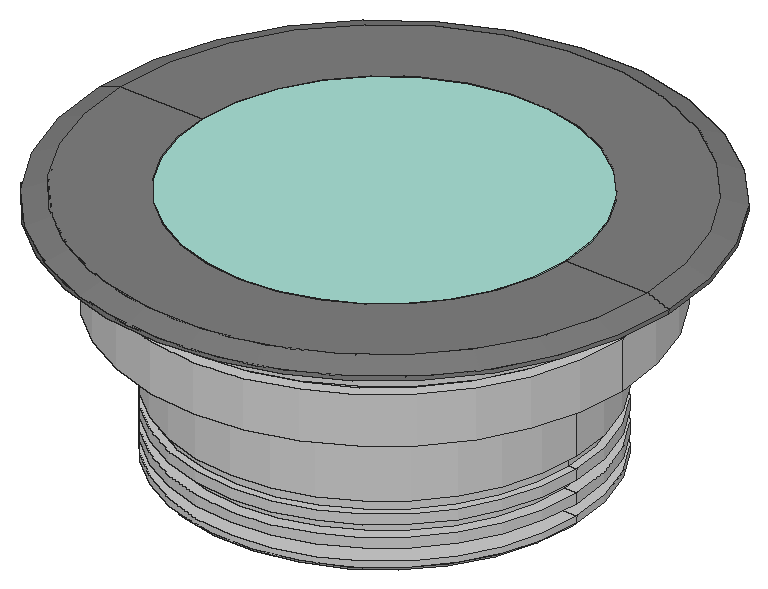
Revit family "Bright 5.F", category Lighting Fixtures, host Face, Revit 2017 (continued)
Types (16, lengths in mm): name | Wattage | Power | Photometric Web File | Optics | built-in parameter 1150142 | built-in parameter 1150105 | Lumens | built-in parameter 1150106 | Apparent Load Phase 1
     3.53 3.04 2.62 2.28 2.00 1.76 \r\n1.58 1.42 1.28 1.16 1.04 0.95 0.85 0.77 0.70 0.62 0.54 \r\n0.46 0.39 0.32 0.27 0.24 0.22 0.19 0.18 0.16 0.15 0.14 \r\n0.12 0.11 0.10 0.08 0.07 0.04 0.02 0.00 0.00 0.00 0.00 \r\n0.00 0.00 0.00 0.00 0.00 0.00 0.00 0.00 0.00 0.00 0.00 \r\n0.00 0.00 0.00 0.00 0.00 0.00 0.00 0.00 0.00 0.00 0.00 \r\n0.00 0.00 0.00 0.00 0.00 0.00 0.00 0.00 0.00 0.00 0.00 \r\n0.00 0.00 0.00 0.00 0.00 0.00 0.00 0.00 0.00 0.00 0.00 \r\n0.00 0.00 0.00 0.00 0.00 0.00 0.00 0.00 0.00 0.00 0.00 \r\n0.00 0.00 0.00 0.00 0.00 0.00 0.00 0.00 0.00 0.00 0.00 \r\n0.00 0.00 0.00 0.00 0.00 0.00 0.00 0.00 0.00 0.00 0.00 \r\n0.00 0.00 0.00 0.00 0.00 0.00 0.00 0.00 0.00 0.00 \r\n3191.58 3145.92 3010.90 2842.45 2632.50 2394.35 2136.13 \r\n1877.34 1632.20 1394.08 1181.60 1000.13 835.56 698.97 \r\n591.01 501.44 427.53 366.40 316.57 275.00 240.51 210.32 \r\n184.96 162.38 143.04 125.47 110.19 97.47 86.39 76.41 \r\n68.04 60.67 54.03 48.19 42.95 38.45 34.35 30.36 26.72 \r\n23.37 20.43 17.95 15.95 14.52 13.27 12.13 11.11 10.17 \r\n9.25 8.44 7.60 6.80 6.01 5.23 4.46 3.72 3.14 2.68 2.34 \r\n2.07 1.84 1.64 1.47 1.32 1.20 1.08 0.97 0.88 0.79 0.72 \r\n0.65 0.58 0.49 0.42 0.35 0.29 0.25 0.23 0.20 0.19 0.17 \r\n0.16 0.14 0.13 0.11 0.10 0.09 0.07 0.05 0.02 0.01 0.00 \r\n0.00 0.00 0.00 0.00 0.00 0.00 0.00 0.00 0.00 0.00 0.00 \r\n0.00 0.00 0.00 0.00 0.00 0.00 0.00 0.00 0.00 0.00 0.00 \r\n0.00 0.00 0.00 0.00 0.00 0.00 0.00 0.00 0.00 0.00 0.00 \r\n0.00 0.00 0.00 0.00 0.00 0.00 0.00 0.00 0.00 0.00 0.00 \r\n0.00 0.00 0.00 0.00 0.00 0.00 0.00 0.00 0.00 0.00 0.00 \r\n0.00 0.00 0.00 0.00 0.00 0.00 0.00 0.00 0.00 0.00 0.00 \r\n0.00 0.00 0.00 0.00 0.00 0.00 0.00 0.00 0.00 0.00 0.00 \r\n0.00 0.00 0.00 0.00 0.00 0.00 0.00 0.00 0.00 0.00 0.00 \r\n0.00 \r\n3191.58 3139.42 3047.12 2913.19 2719.69 2491.20 2244.85 \r\n1998.11 1749.76 1510.65 1290.17 1098.39 923.75 781.84 \r\n663.90 561.16 480.32 411.14 355.04 307.27 267.37 234.53 \r\n205.87 180.63 158.54 139.22 122.93 108.86 96.48 85.39 \r\n75.80 67.51 59.81 53.44 47.49 42.44 37.73 33.41 29.38 \r\n25.69 22.39 19.55 17.22 15.46 14.04 12.82 11.72 10.67 \r\n9.66 8.73 7.83 6.94 6.09 5.28 4.57 3.91 3.34 2.84 2.45 \r\n2.14 1.90 1.70 1.52 1.37 1.23 1.11 1.00 0.90 0.81 0.73 \r\n0.66 0.59 0.51 0.43 0.36 0.30 0.26 0.23 0.21 0.19 0.17 \r\n0.16 0.15 0.13 0.12 0.10 0.09 0.07 0.05 0.02 0.00 0.00 \r\n0.00 0.00 0.00 0.00 0.00 0.00 0.00 0.00 0.00 0.00 0.00 \r\n0.00 0.00 0.00 0.00 0.00 0.00 0.00 0.00 0.00 0.00 0.00 \r\n0.00 0.00 0.00 0.00 0.00 0.00 0.00 0.00 0.00 0.00 0.00 \r\n0.00 0.00 0.00 0.00 0.00 0.00 0.00 0.00 0.00 0.00 0.00 \r\n0.00 0.00 0.00 0.00 0.00 0.00 0.00 0.00 0.00 0.00 0.00 \r\n0.00 0.00 0.00 0.00 0.00 0.00 0.00 0.00 0.00 0.00 0.00 \r\n0.00 0.00 0.00 0.00 0.00 0.00 0.00 0.00 0.00 0.00 0.00 \r\n0.00 0.00 0.00 0.00 0.00 0.00 0.00 0.00 0.00 0.00 0.00 \r\n0.00 \r\n3191.58 3147.45 3077.83 2935.09 2754.70 2547.61 2321.01 \r\n2083.49 1842.98 1616.50 1402.05 1217.86 1037.56 881.11 \r\n754.16 644.58 554.46 474.07 407.46 353.31 305.68 265.56 \r\n233.48 203.71 179.64 157.56 138.88 122.70 108.43 96.18 \r\n85.45 75.80 67.41 59.89 53.21 47.40 42.06 37.23 32.74 \r\n28.66 24.92 21.80 19.07 16.93 15.17 13.73 12.42 11.24 \r\n10.13 9.05 8.02 7.04 6.14 5.30 4.61 4.03 3.52 3.06 2.65 \r\n2.29 2.00 1.78 1.59 1.43 1.29 1.15 1.04 0.94 0.84 0.76 \r\n0.67 0.59 0.52 0.44 0.37 0.31 0.27 0.24 0.22 0.20 0.18 \r\n0.16 0.15 0.13 0.12 0.10 0.09 0.07 0.05 0.02 0.01 0.00 \r\n0.00 0.00 0.00 0.00 0.00 0.00 0.00 0.00 0.00 0.00 0.00 \r\n0.00 0.00 0.00 0.00 0.00 0.00 0.00 0.00 0.00 0.00 0.00 \r\n0.00 0.00 0.00 0.00 0.00 0.00 0.00 0.00 0.00 0.00 0.00 \r\n0.00 0.00 0.00 0.00 0.00 0.00 0.00 0.00 0.00 0.00 0.00 \r\n0.00 0.00 0.00 0.00 0.00 0.00 0.00 0.00 0.00 0.00 0.00 \r\n0.00 0.00 0.00 0.00 0.00 0.00 0.00 0.00 0.00 0.00 0.00 \r\n0.00 0.00 0.00 0.00 0.00 0.00 0.00 0.00 0.00 0.00 0.00 \r\n0.00 0.00 0.00 0.00 0.00 0.00 0.00 0.00 0.00 0.00 0.00 \r\n0.00 \r\n3191.58 3170.86 3087.68 2964.34 2799.97 2617.47 2403.18 \r\n2180.99 1966.62 1750.60 1546.02 1355.81 1172.74 1018.66 \r\n885.81 760.92 654.34 563.18 485.45 419.24 362.53 314.62 \r\n273.99 238.69 208.88 182.26 160.34 141.45 124.88 111.02 \r\n97.92 87.06 77.53 68.80 60.96 54.01 47.76 42.18 37.07 \r\n32.61 28.48 24.82 21.76 19.07 16.86 14.98 13.41 11.99 \r\n10.69 9.45 8.29 7.23 6.31 5.50 4.79 4.20 3.71 3.27 2.86 \r\n2.50 2.19 1.91 1.69 1.51 1.36 1.22 1.10 0.98 0.88 0.78 \r\n0.68 0.60 0.53 0.45 0.38 0.32 0.28 0.25 0.22 0.20 0.19 \r\n0.17 0.15 0.14 0.12 0.11 0.09 0.08 0.05 0.02 0.00 0.00 \r\n0.00 0.00 0.00 0.00 0.00 0.00 0.00 0.00 0.00 0.00 0.00 \r\n0.00 0.00 0.00 0.00 0.00 0.00 0.00 0.00 0.00 0.00 0.00 \r\n0.00 0.00 0.00 0.00 0.00 0.00 0.00 0.00 0.00 0.00 0.00 \r\n0.00 0.00 0.00 0.00 0.00 0.00 0.00 0.00 0.00 0.00 0.00 \r\n0.00 0.00 0.00 0.00 0.00 0.00 0.00 0.00 0.00 0.00 0.00 \r\n0.00 0.00 0.00 0.00 0.00 0.00 0.00 0.00 0.00 0.00 0.00 \r\n0.00 0.00 0.00 0.00 0.00 0.00 0.00 0.00 0.00 0.00 0.00 \r\n0.00 0.00 0.00 0.00 0.00 0.00 0.00 0.00 0.00 0.00 0.00 \r\n0.00 \r\n3191.58 3174.85 3102.63 2992.50 2849.63 2684.44 2494.17 \r\n2296.99 2100.84 1897.18 1707.45 1524.73 1346.97 1190.85 \r\n1049.39 919.79 799.66 693.91 601.76 521.45 448.90 386.97 \r\n335.29 291.10 252.78 219.67 192.22 167.96 148.26 129.81 \r\n115.01 101.72 90.07 79.94 70.86 62.97 55.55 49.03 43.04 \r\n37.65 32.82 28.83 25.18 22.09 19.35 16.86 14.74 12.96 \r\n11.43 10.01 8.72 7.64 6.68 5.82 5.12 4.50 3.95 3.48 3.08 \r\n2.71 2.39 2.10 1.84 1.63 1.45 1.31 1.17 1.04 0.91 0.80 \r\n0.70 0.62 0.54 0.47 0.39 0.34 0.29 0.26 0.23 0.21 0.19 \r\n0.18 0.16 0.14 0.13 0.11 0.09 0.08 0.05 0.02 0.01 0.00 \r\n0.00 0.00 0.00 0.00 0.00 0.00 0.00 0.00 0.00 0.00 0.00 \r\n0.00 0.00 0.00 0.00 0.00 0.00 0.00 0.00 0.00 0.00 0.00 \r\n0.00 0.00 0.00 0.00 0.00 0.00 0.00 0.00 0.00 0.00 0.00 \r\n0.00 0.00 0.00 0.00 0.00 0.00 0.00 0.00 0.00 0.00 0.00 \r\n0.00 0.00 0.00 0.00 0.00 0.00 0.00 0.00 0.00 0.00 0.00 \r\n0.00 0.00 0.00 0.00 0.00 0.00 0.00 0.00 0.00 0.00 0.00 \r\n0.00 0.00 0.00 0.00 0.00 0.00 0.00 0.00 0.00 0.00 0.00 \r\n0.00 0.00 0.00 0.00 0.00 0.00 0.00 0.00 0.00 0.00 0.00 \r\n0.00 \r\n3191.58 3178.57 3115.50 3016.11 2899.42 2751.58 2589.73 \r\n2420.17 2236.07 2059.33 1886.71 1720.05 1549.41 1399.72 \r\n1253.67 1121.90 994.47 874.47 764.58 666.37 578.52 500.23 \r\n432.85 374.16 322.08 277.58 239.52 207.35 180.49 157.68 \r\n138.25 121.78 107.28 94.81 83.97 74.52 66.11 58.03 50.91 \r\n44.28 38.50 33.75 29.68 25.98 22.67 19.57 16.75 14.42 \r\n12.45 10.83 9.42 8.24 7.20 6.34 5.55 4.86 4.29 3.76 3.30 \r\n2.91 2.58 2.29 2.03 1.79 1.58 1.41 1.25 1.09 0.97 0.84 \r\n0.73 0.64 0.56 0.49 0.41 0.35 0.30 0.27 0.24 0.22 0.20 \r\n0.18 0.17 0.15 0.13 0.11 0.10 0.08 0.06 0.02 0.01 0.00 \r\n0.00 0.00 0.00 0.00 0.00 0.00 0.00 0.00 0.00 0.00 0.00 \r\n0.00 0.00 0.00 0.00 0.00 0.00 0.00 0.00 0.00 0.00 0.00 \r\n0.00 0.00 0.00 0.00 0.00 0.00 0.00 0.00 0.00 0.00 0.00 \r\n0.00 0.00 0.00 0.00 0.00 0.00 0.00 0.00 0.00 0.00 0.00 \r\n0.00 0.00 0.00 0.00 0.00 0.00 0.00 0.00 0.00 0.00 0.00 \r\n0.00 0.00 0.00 0.00 0.00 0.00 0.00 0.00 0.00 0.00 0.00 \r\n0.00 0.00 0.00 0.00 0.00 0.00 0.00 0.00 0.00 0.00 0.00 \r\n0.00 0.00 0.00 0.00 0.00 0.00 0.00 0.00 0.00 0.00 0.00 \r\n0.00 \r\n3191.58 3183.19 3130.04 3045.96 2942.91 2814.38 2677.25 \r\n2529.30 2376.89 2231.84 2080.08 1935.31 1782.28 1643.93 \r\n1503.86 1370.08 1242.22 1110.38 991.61 872.85 766.44 \r\n667.47 579.18 498.90 427.98 364.65 313.47 268.08 230.27 \r\n198.86 171.73 149.17 130.71 114.71 100.87 89.41 78.70 \r\n69.22 60.48 52.95 45.85 40.02 34.81 30.47 26.48 22.98 \r\n19.72 16.76 14.22 12.07 10.36 9.05 7.95 6.94 6.09 5.32 \r\n4.67 4.10 3.59 3.14 2.78 2.47 2.19 1.94 1.72 1.52 1.32 \r\n1.16 1.01 0.88 0.76 0.66 0.58 0.50 0.43 0.36 0.32 0.28 \r\n0.25 0.23 0.21 0.19 0.17 0.15 0.13 0.12 0.10 0.08 0.06 \r\n0.03 0.01 0.00 0.00 0.00 0.00 0.00 0.00 0.00 0.00 0.00 \r\n0.00 0.00 0.00 0.00 0.00 0.00 0.00 0.00 0.00 0.00 0.00 \r\n0.00 0.00 0.00 0.00 0.00 0.00 0.00 0.00 0.00 0.00 0.00 \r\n0.00 0.00 0.00 0.00 0.00 0.00 0.00 0.00 0.00 0.00 0.00 \r\n0.00 0.00 0.00 0.00 0.00 0.00 0.00 0.00 0.00 0.00 0.00 \r\n0.00 0.00 0.00 0.00 0.00 0.00 0.00 0.00 0.00 0.00 0.00 \r\n0.00 0.00 0.00 0.00 0.00 0.00 0.00 0.00 0.00 0.00 0.00 \r\n0.00 0.00 0.00 0.00 0.00 0.00 0.00 0.00 0.00 0.00 0.00 \r\n0.00 0.00 0.00 0.00 \r\n3191.58 3187.23 3139.02 3074.95 2984.94 2878.56 2765.01 \r\n2646.90 2519.51 2397.91 2275.38 2154.48 2031.11 1908.46 \r\n1788.20 1664.25 1532.92 1400.49 1273.06 1139.04 1012.94 \r\n891.35 780.81 674.44 581.96 496.68 426.39 360.32 305.57 \r\n260.04 220.25 189.02 163.47 141.61 123.46 108.27 94.87 \r\n83.51 72.23 63.20 54.27 47.10 41.02 35.61 31.07 27.02 \r\n23.16 19.80 16.77 14.09 11.88 10.15 8.86 7.71 6.71 5.85 \r\n5.12 4.50 3.91 3.41 3.01 2.65 2.34 2.07 1.82 1.60 1.40 \r\n1.23 1.07 0.92 0.80 0.69 0.61 0.52 0.45 0.38 0.33 0.29 \r\n0.26 0.24 0.22 0.20 0.18 0.16 0.14 0.12 0.10 0.08 0.06 \r\n0.02 0.00 0.00 0.00 0.00 0.00 0.00 0.00 0.00 0.00 0.00 \r\n0.00 0.00 0.00 0.00 0.00 0.00 0.00 0.00 0.00 0.00 0.00 \r\n0.00 0.00 0.00 0.00 0.00 0.00 0.00 0.00 0.00 0.00 0.00 \r\n0.00 0.00 0.00 0.00 0.00 0.00 0.00 0.00 0.00 0.00 0.00 \r\n0.00 0.00 0.00 0.00 0.00 0.00 0.00 0.00 0.00 0.00 0.00 \r\n0.00 0.00 0.00 0.00 0.00 0.00 0.00 0.00 0.00 0.00 0.00 \r\n0.00 0.00 0.00 0.00 0.00 0.00 0.00 0.00 0.00 0.00 0.00 \r\n0.00 0.00 0.00 0.00 0.00 0.00 0.00 0.00 0.00 0.00 0.00 \r\n0.00 0.00 0.00 0.00 \r\n3191.58 3189.40 3151.30 3095.59 3018.74 2933.84 2839.72 \r\n2750.09 2651.07 2558.66 2465.05 2376.01 2280.78 2186.50 \r\n2084.48 1978.22 1857.34 1732.05 1591.03 1460.27 1313.51 \r\n1174.29 1039.00 908.77 784.75 672.21 576.67 489.07 410.42 \r\n343.99 290.89 244.03 208.52 177.07 152.47 131.40 114.03 \r\n99.16 86.50 74.89 64.32 55.20 47.52 41.37 35.90 31.06 \r\n26.67 22.84 19.41 16.57 14.08 11.85 10.09 8.67 7.52 6.50 \r\n5.69 4.91 4.29 3.72 3.25 2.83 2.47 2.15 1.90 1.67 1.49 \r\n1.31 1.13 0.97 0.85 0.74 0.64 0.55 0.46 0.39 0.34 0.30 \r\n0.27 0.25 0.22 0.20 0.18 0.16 0.14 0.12 0.10 0.08 0.06 \r\n0.03 0.01 0.00 0.00 0.00 0.00 0.00 0.00 0.00 0.00 0.00 \r\n0.00 0.00 0.00 0.00 0.00 0.00 0.00 0.00 0.00 0.00 0.00 \r\n0.00 0.00 0.00 0.00 0.00 0.00 0.00 0.00 0.00 0.00 0.00 \r\n0.00 0.00 0.00 0.00 0.00 0.00 0.00 0.00 0.00 0.00 0.00 \r\n0.00 0.00 0.00 0.00 0.00 0.00 0.00 0.00 0.00 0.00 0.00 \r\n0.00 0.00 0.00 0.00 0.00 0.00 0.00 0.00 0.00 0.00 0.00 \r\n0.00 0.00 0.00 0.00 0.00 0.00 0.00 0.00 0.00 0.00 0.00 \r\n0.00 0.00 0.00 0.00 0.00 0.00 0.00 0.00 0.00 0.00 0.00 \r\n0.00 0.00 0.00 0.00 \r\n3191.58 3192.99 3159.59 3110.70 3049.20 2980.93 2905.65 \r\n2834.15 2764.18 2701.38 2636.55 2576.38 2511.91 2447.58 \r\n2364.79 2280.13 2179.61 2056.32 1925.00 1781.56 1632.48 \r\n1476.70 1322.52 1170.14 1024.00 882.66 758.99 642.48 \r\n541.44 450.99 376.88 316.30 264.88 223.06 188.68 161.40 \r\n137.54 118.17 101.59 88.15 75.06 64.00 54.72 47.35 40.55 \r\n34.81 29.90 25.83 22.36 19.06 16.39 13.89 11.84 9.86 8.39 \r\n7.20 6.26 5.44 4.71 4.06 3.47 2.99 2.57 2.26 1.97 1.75 \r\n1.54 1.36 1.20 1.05 0.90 0.79 0.68 0.57 0.48 0.41 0.36 \r\n0.32 0.29 0.26 0.23 0.21 0.19 0.17 0.15 0.13 0.11 0.09 \r\n0.06 0.02 0.00 0.00 0.00 0.00 0.00 0.00 0.00 0.00 0.00 \r\n0.00 0.00 0.00 0.00 0.00 0.00 0.00 0.00 0.00 0.00 0.00 \r\n0.00 0.00 0.00 0.00 0.00 0.00 0.00 0.00 0.00 0.00 0.00 \r\n0.00 0.00 0.00 0.00 0.00 0.00 0.00 0.00 0.00 0.00 0.00 \r\n0.00 0.00 0.00 0.00 0.00 0.00 0.00 0.00 0.00 0.00 0.00 \r\n0.00 0.00 0.00 0.00 0.00 0.00 0.00 0.00 0.00 0.00 0.00 \r\n0.00 0.00 0.00 0.00 0.00 0.00 0.00 0.00 0.00 0.00 0.00 \r\n0.00 0.00 0.00 0.00 0.00 0.00 0.00 0.00 0.00 0.00 0.00 \r\n0.00 0.00 0.00 0.00 0.00 \r\n3191.58 3194.72 3166.61 3125.40 3073.92 3017.77 2959.14 \r\n2901.57 2850.09 2807.69 2768.33 2735.49 2699.82 2656.09 \r\n2605.40 2536.69 2456.47 2345.54 2225.57 2079.89 1922.10 \r\n1749.79 1595.26 1412.79 1252.67 1089.14 936.44 799.95 \r\n671.08 563.09 471.78 391.52 322.96 270.56 224.52 190.82 \r\n160.13 136.12 116.09 99.69 84.53 72.45 60.85 52.04 44.35 \r\n37.82 32.75 28.33 24.70 21.38 18.31 15.72 13.46 11.31 \r\n9.57 8.01 6.86 5.89 4.99 4.29 3.65 3.13 2.70 2.37 2.06 \r\n1.83 1.59 1.41 1.25 1.11 0.96 0.84 0.72 0.61 0.50 0.43 \r\n0.37 0.33 0.30 0.27 0.25 0.22 0.20 0.17 0.15 0.13 0.11 \r\n0.09 0.06 0.02 0.00 0.00 0.00 0.00 0.00 0.00 0.00 0.00 \r\n0.00 0.00 0.00 0.00 0.00 0.00 0.00 0.00 0.00 0.00 0.00 \r\n0.00 0.00 0.00 0.00 0.00 0.00 0.00 0.00 0.00 0.00 0.00 \r\n0.00 0.00 0.00 0.00 0.00 0.00 0.00 0.00 0.00 0.00 0.00 \r\n0.00 0.00 0.00 0.00 0.00 0.00 0.00 0.00 0.00 0.00 0.00 \r\n0.00 0.00 0.00 0.00 0.00 0.00 0.00 0.00 0.00 0.00 0.00 \r\n0.00 0.00 0.00 0.00 0.00 0.00 0.00 0.00 0.00 0.00 0.00 \r\n0.00 0.00 0.00 0.00 0.00 0.00 0.00 0.00 0.00 0.00 0.00 \r\n0.00 0.00 0.00 0.00 0.00 0.00 \r\n3191.58 3194.55 3170.41 3135.80 3087.30 3038.00 2985.89 \r\n2941.94 2905.37 2876.82 2855.25 2839.63 2820.19 2796.07 \r\n2760.54 2708.29 2639.07 2539.79 2423.62 2284.70 2122.43 \r\n1952.93 1782.34 1594.99 1410.82 1238.15 1069.19 916.12 \r\n778.99 651.74 545.42 451.56 373.27 308.54 253.79 211.54 \r\n178.53 150.71 128.05 109.34 92.64 78.90 65.95 55.18 46.77 \r\n39.81 34.63 30.15 26.38 22.94 19.98 17.10 14.71 12.41 \r\n10.55 8.84 7.33 6.22 5.22 4.42 3.79 3.25 2.81 2.46 2.12 \r\n1.87 1.64 1.44 1.29 1.14 1.02 0.90 0.76 0.62 0.51 0.43 \r\n0.38 0.34 0.31 0.28 0.25 0.23 0.20 0.18 0.16 0.13 0.11 \r\n0.09 0.06 0.02 0.00 0.00 0.00 0.00 0.00 0.00 0.00 0.00 \r\n0.00 0.00 0.00 0.00 0.00 0.00 0.00 0.00 0.00 0.00 0.00 \r\n0.00 0.00 0.00 0.00 0.00 0.00 0.00 0.00 0.00 0.00 0.00 \r\n0.00 0.00 0.00 0.00 0.00 0.00 0.00 0.00 0.00 0.00 0.00 \r\n0.00 0.00 0.00 0.00 0.00 0.00 0.00 0.00 0.00 0.00 0.00 \r\n0.00 0.00 0.00 0.00 0.00 0.00 0.00 0.00 0.00 0.00 0.00 \r\n0.00 0.00 0.00 0.00 0.00 0.00 0.00 0.00 0.00 0.00 0.00 \r\n0.00 0.00 0.00 0.00 0.00 0.00 0.00 0.00 0.00 0.00 0.00 \r\n0.00 0.00 0.00 0.00 0.00 0.00 \r\n3191.58 3193.62 3171.21 3137.40 3091.36 3043.67 3000.06 \r\n2958.74 2925.28 2901.33 2884.49 2873.42 2861.87 2844.76 \r\n2815.34 2769.59 2707.48 2615.20 2496.79 2358.73 2203.56 \r\n2030.50 1855.05 1659.44 1478.52 1288.04 1120.83 956.38 \r\n815.71 679.85 574.06 473.20 387.67 319.57 264.86 222.06 \r\n184.40 155.84 131.72 112.43 95.47 81.39 66.92 56.58 47.34 \r\n40.40 35.20 30.62 27.11 23.55 20.38 17.57 15.17 12.72 \r\n10.88 9.02 7.62 6.25 5.22 4.45 3.83 3.30 2.88 2.48 2.15 \r\n1.89 1.64 1.46 1.30 1.16 1.04 0.91 0.76 0.63 0.52 0.44 \r\n0.38 0.34 0.31 0.28 0.25 0.23 0.20 0.18 0.16 0.13 0.11 \r\n0.09 0.06 0.02 0.00 0.00 0.00 0.00 0.00 0.00 0.00 0.00 \r\n0.00 0.00 0.00 0.00 0.00 0.00 0.00 0.00 0.00 0.00 0.00 \r\n0.00 0.00 0.00 0.00 0.00 0.00 0.00 0.00 0.00 0.00 0.00 \r\n0.00 0.00 0.00 0.00 0.00 0.00 0.00 0.00 0.00 0.00 0.00 \r\n0.00 0.00 0.00 0.00 0.00 0.00 0.00 0.00 0.00 0.00 0.00 \r\n0.00 0.00 0.00 0.00 0.00 0.00 0.00 0.00 0.00 0.00 0.00 \r\n0.00 0.00 0.00 0.00 0.00 0.00 0.00 0.00 0.00 0.00 0.00 \r\n0.00 0.00 0.00 0.00 0.00 0.00 0.00 0.00 0.00 0.00 0.00 \r\n0.00 0.00 0.00 0.00 0.00 0.00 \r\n" | 83.238 (stored number, unit not read) | 1046 lm | 0.83238 (stored number, unit not read) | 14 W
  Bright 5.F K 56° (3000K 19W 24Vdc) | 10.354 W | "19W" | "BRIGHT 5.F K 56° [3000K 19W 24Vdc].IES" | "56°" | "IESNA:LM-63-2002\r\n[TEST] 20190607-0915.LDT\r\n[TESTLAB] L&L\r\n[TESTDATE] 7 Jun 2019\r\n[ISSUEDATE] 7 Jun 2019\r\n[MANUFAC] L&L\r\n[LUMCAT] BRIGHT 5.F K 56° [3000K 19W 24Vdc]\r\n[LUMINAIRE] BRIGHT 5.F K 56° [3000K 19W 24Vdc]\r\n[FLASHAREA] 0.001900\r\n[LAMPCAT] Power LED High Intensity\r\n[LAMP] Power LED High Intensity\r\nTILT=NONE\r\n3 354.67 1.0 181 1 1 2 -0.100 -0.100 0.000\r\n1.00 1.00 19.00\r\n0.00 1.00 2.00 3.00 4.00 5.00 6.00 7.00 8.00 9.00 10.00 \r\n11.00 12.00 13.00 14.00 15.00 16.00 17.00 18.00 19.00 \r\n20.00 21.00 22.00 23.00 24.00 25.00 26.00 27.00 28.00 \r\n29.00 30.00 31.00 32.00 33.00 34.00 35.00 36.00 37.00 \r\n38.00 39.00 40.00 41.00 42.00 43.00 44.00 45.00 46.00 \r\n47.00 48.00 49.00 50.00 51.00 52.00 53.00 54.00 55.00 \r\n56.00 57.00 58.00 59.00 60.00 61.00 62.00 63.00 64.00 \r\n65.00 66.00 67.00 68.00 69.00 70.00 71.00 72.00 73.00 \r\n74.00 75.00 76.00 77.00 78.00 79.00 80.00 81.00 82.00 \r\n83.00 84.00 85.00 86.00 87.00 88.00 89.00 90.00 91.00 \r\n92.00 93.00 94.00 95.00 96.00 97.00 98.00 99.00 100.00 \r\n101.00 102.00 103.00 104.00 105.00 106.00 107.00 108.00 \r\n109.00 110.00 111.00 112.00 113.00 114.00 115.00 116.00 \r\n117.00 118.00 119.00 120.00 121.00 122.00 123.00 124.00 \r\n125.00 126.00 127.00 128.00 129.00 130.00 131.00 132.00 \r\n133.00 134.00 135.00 136.00 137.00 138.00 139.00 140.00 \r\n141.00 142.00 143.00 144.00 145.00 146.00 147.00 148.00 \r\n149.00 150.00 151.00 152.00 153.00 154.00 155.00 156.00 \r\n157.00 158.00 159.00 160.00 161.00 162.00 163.00 164.00 \r\n165.00 166.00 167.00 168.00 169.00 170.00 171.00 172.00 \r\n173.00 174.00 175.00 176.00 177.00 178.00 179.00 180.00 \r\n0.00 \r\n1070.10 1069.21 1067.17 1063.73 1058.77 1052.21 1043.75 \r\n1033.41 1020.89 1005.94 988.77 969.29 946.91 923.12 \r\n897.83 871.31 843.84 815.89 788.08 760.72 733.95 707.67 \r\n682.63 657.62 633.42 609.25 585.77 562.69 539.64 516.69 \r\n493.99 471.17 448.17 425.50 402.38 379.73 356.90 335.16 \r\n313.60 292.47 271.65 251.66 232.12 213.27 194.95 177.52 \r\n161.14 145.40 130.54 116.49 103.34 91.19 80.11 70.00 \r\n61.35 53.55 46.96 41.24 36.23 31.87 27.99 24.62 21.59 \r\n18.93 16.54 14.42 12.52 10.87 9.33 7.98 6.74 5.66 4.67 \r\n3.79 3.02 2.30 1.60 1.07 0.79 0.64 0.55 0.48 0.42 0.36 \r\n0.31 0.25 0.20 0.16 0.12 0.05 0.01 0.00 0.00 0.00 0.00 \r\n0.00 0.00 0.00 0.00 0.00 0.00 0.00 0.00 0.00 0.00 0.00 \r\n0.00 0.00 0.00 0.00 0.00 0.00 0.00 0.00 0.00 0.00 0.00 \r\n0.00 0.00 0.00 0.00 0.00 0.00 0.00 0.00 0.00 0.00 0.00 \r\n0.00 0.00 0.00 0.00 0.00 0.00 0.00 0.00 0.00 0.00 0.00 \r\n0.00 0.00 0.00 0.00 0.00 0.00 0.00 0.00 0.00 0.00 0.00 \r\n0.00 0.00 0.00 0.00 0.00 0.00 0.00 0.00 0.00 0.00 0.00 \r\n0.00 0.00 0.00 0.00 0.00 0.00 0.00 0.00 0.00 0.00 0.00 \r\n0.00 0.00 0.00 0.00 0.00 0.00 0.00 0.00 0.00 \r\n" | 1546.8 (stored number, unit not read) | 1538 lm | 15.468 (stored number, unit not read) | 19 W
  Bright 5.F L 35° (3000K 19W 24Vdc) | 10.354 W | "19W" | "BRIGHT 5.F L 35° [3000K 19W 24Vdc].IES" | "35°" | "IESNA:LM-63-2002\r\n[TEST] 20190614-1019.LDT\r\n[TESTLAB] L&L\r\n[TESTDATE] 14 Jun 2019\r\n[ISSUEDATE] 14 Jun 2019\r\n[MANUFAC] L&L\r\n[LUMCAT] BRIGHT 5.F L 35° [3000K 19W 24Vdc]\r\n[LUMINAIRE] BRIGHT 5.F L 35° [3000K 19W 24Vdc]\r\n[FLASHAREA] 0.001900\r\n[LAMPCAT] Power LED High Intensity\r\n[LAMP] Power LED High Intensity\r\nTILT=NONE\r\n3 376.00 1.0 181 1 1 2 -0.100 -0.100 0.000\r\n1.00 1.00 19.00\r\n0.00 1.00 2.00 3.00 4.00 5.00 6.00 7.00 8.00 9.00 10.00 \r\n11.00 12.00 13.00 14.00 15.00 16.00 17.00 18.00 19.00 \r\n20.00 21.00 22.00 23.00 24.00 25.00 26.00 27.00 28.00 \r\n29.00 30.00 31.00 32.00 33.00 34.00 35.00 36.00 37.00 \r\n38.00 39.00 40.00 41.00 42.00 43.00 44.00 45.00 46.00 \r\n47.00 48.00 49.00 50.00 51.00 52.00 53.00 54.00 55.00 \r\n56.00 57.00 58.00 59.00 60.00 61.00 62.00 63.00 64.00 \r\n65.00 66.00 67.00 68.00 69.00 70.00 71.00 72.00 73.00 \r\n74.00 75.00 76.00 77.00 78.00 79.00 80.00 81.00 82.00 \r\n83.00 84.00 85.00 86.00 87.00 88.00 89.00 90.00 91.00 \r\n92.00 93.00 94.00 95.00 96.00 97.00 98.00 99.00 100.00 \r\n101.00 102.00 103.00 104.00 105.00 106.00 107.00 108.00 \r\n109.00 110.00 111.00 112.00 113.00 114.00 115.00 116.00 \r\n117.00 118.00 119.00 120.00 121.00 122.00 123.00 124.00 \r\n125.00 126.00 127.00 128.00 129.00 130.00 131.00 132.00 \r\n133.00 134.00 135.00 136.00 137.00 138.00 139.00 140.00 \r\n141.00 142.00 143.00 144.00 145.00 146.00 147.00 148.00 \r\n149.00 150.00 151.00 152.00 153.00 154.00 155.00 156.00 \r\n157.00 158.00 159.00 160.00 161.00 162.00 163.00 164.00 \r\n165.00 166.00 167.00 168.00 169.00 170.00 171.00 172.00 \r\n173.00 174.00 175.00 176.00 177.00 178.00 179.00 180.00 \r\n0.00 \r\n2664.57 2662.78 2654.34 2640.45 2619.80 2591.40 2552.85 \r\n2503.84 2442.05 2367.15 2280.46 2182.14 2068.19 1945.59 \r\n1819.79 1689.08 1555.11 1420.71 1292.11 1168.03 1050.67 \r\n942.33 842.97 752.09 670.50 596.44 530.42 470.38 415.83 \r\n367.12 324.03 285.77 251.53 220.60 192.67 167.86 144.71 \r\n123.76 105.05 89.14 76.14 65.37 56.58 49.31 42.99 37.37 \r\n32.72 28.82 25.44 22.42 19.75 17.31 15.13 13.21 11.53 \r\n10.05 8.76 7.62 6.62 5.76 4.99 4.34 3.78 3.30 2.92 2.59 \r\n2.27 1.99 1.75 1.53 1.33 1.16 0.99 0.84 0.70 0.59 0.51 \r\n0.46 0.41 0.37 0.34 0.30 0.27 0.24 0.21 0.18 0.16 0.13 \r\n0.09 0.04 0.01 0.00 0.00 0.00 0.00 0.00 0.00 0.00 0.00 \r\n0.00 0.00 0.00 0.00 0.00 0.00 0.00 0.00 0.00 0.00 0.00 \r\n0.00 0.00 0.00 0.00 0.00 0.00 0.00 0.00 0.00 0.00 0.00 \r\n0.00 0.00 0.00 0.00 0.00 0.00 0.00 0.00 0.00 0.00 0.00 \r\n0.00 0.00 0.00 0.00 0.00 0.00 0.00 0.00 0.00 0.00 0.00 \r\n0.00 0.00 0.00 0.00 0.00 0.00 0.00 0.00 0.00 0.00 0.00 \r\n0.00 0.00 0.00 0.00 0.00 0.00 0.00 0.00 0.00 0.00 0.00 \r\n0.00 0.00 0.00 0.00 0.00 0.00 0.00 0.00 0.00 0.00 0.00 \r\n0.00 0.00 0.00 0.00 0.00 \r\n" | 1546.8 (stored number, unit not read) | 1538 lm | 15.468 (stored number, unit not read) | 19 W
  Bright 5.F M 31° (3000K 19W 24Vdc) | 10.354 W | "19W" | "BRIGHT 5.F M 31° [3000K 19W 24Vdc].IES" | "31°" | "IESNA:LM-63-2002\r\n[TEST] 20190605-1740.LDT\r\n[TESTLAB] L&L\r\n[TESTDATE] 5 Jun 2019\r\n[ISSUEDATE] 5 Jun 2019\r\n[MANUFAC] L&L\r\n[LUMCAT] BRIGHT 5.F M 31° [3000K 19W 24Vdc]\r\n[LUMINAIRE] BRIGHT 5.F M 31° [3000K 19W 24Vdc]\r\n[FLASHAREA] 0.001900\r\n[LAMPCAT] Power LED High Intensity\r\n[LAMP] Power LED High Intensity\r\nTILT=NONE\r\n3 357.67 1.0 181 1 1 2 -0.100 -0.100 0.000\r\n1.00 1.00 19.00\r\n0.00 1.00 2.00 3.00 4.00 5.00 6.00 7.00 8.00 9.00 10.00 \r\n11.00 12.00 13.00 14.00 15.00 16.00 17.00 18.00 19.00 \r\n20.00 21.00 22.00 23.00 24.00 25.00 26.00 27.00 28.00 \r\n29.00 30.00 31.00 32.00 33.00 34.00 35.00 36.00 37.00 \r\n38.00 39.00 40.00 41.00 42.00 43.00 44.00 45.00 46.00 \r\n47.00 48.00 49.00 50.00 51.00 52.00 53.00 54.00 55.00 \r\n56.00 57.00 58.00 59.00 60.00 61.00 62.00 63.00 64.00 \r\n65.00 66.00 67.00 68.00 69.00 70.00 71.00 72.00 73.00 \r\n74.00 75.00 76.00 77.00 78.00 79.00 80.00 81.00 82.00 \r\n83.00 84.00 85.00 86.00 87.00 88.00 89.00 90.00 91.00 \r\n92.00 93.00 94.00 95.00 96.00 97.00 98.00 99.00 100.00 \r\n101.00 102.00 103.00 104.00 105.00 106.00 107.00 108.00 \r\n109.00 110.00 111.00 112.00 113.00 114.00 115.00 116.00 \r\n117.00 118.00 119.00 120.00 121.00 122.00 123.00 124.00 \r\n125.00 126.00 127.00 128.00 129.00 130.00 131.00 132.00 \r\n133.00 134.00 135.00 136.00 137.00 138.00 139.00 140.00 \r\n141.00 142.00 143.00 144.00 145.00 146.00 147.00 148.00 \r\n149.00 150.00 151.00 152.00 153.00 154.00 155.00 156.00 \r\n157.00 158.00 159.00 160.00 161.00 162.00 163.00 164.00 \r\n165.00 166.00 167.00 168.00 169.00 170.00 171.00 172.00 \r\n173.00 174.00 175.00 176.00 177.00 178.00 179.00 180.00 \r\n0.00 \r\n2934.34 2926.17 2903.99 2869.07 2820.37 2759.25 2684.12 \r\n2595.68 2496.13 2384.11 2260.78 2126.56 1983.16 1838.34 \r\n1691.78 1545.16 1402.46 1262.60 1130.65 1009.92 898.09 \r\n796.32 706.22 625.43 554.75 491.06 435.70 387.87 344.95 \r\n307.45 274.88 245.54 219.44 196.23 175.09 156.58 139.78 \r\n124.85 111.56 99.79 89.37 79.93 71.53 64.34 57.96 52.36 \r\n47.47 43.13 39.30 35.81 32.65 29.81 27.20 24.81 22.69 \r\n20.73 18.94 17.31 15.79 14.38 13.03 11.76 10.58 9.47 8.43 \r\n7.45 6.55 5.73 4.96 4.26 3.60 3.02 2.49 2.02 1.58 1.18 \r\n0.81 0.54 0.39 0.31 0.27 0.24 0.20 0.18 0.15 0.13 0.10 \r\n0.08 0.06 0.03 0.01 0.00 0.00 0.00 0.00 0.00 0.00 0.00 \r\n0.00 0.00 0.00 0.00 0.00 0.00 0.00 0.00 0.00 0.00 0.00 \r\n0.00 0.00 0.00 0.00 0.00 0.00 0.00 0.00 0.00 0.00 0.00 \r\n0.00 0.00 0.00 0.00 0.00 0.00 0.00 0.00 0.00 0.00 0.00 \r\n0.00 0.00 0.00 0.00 0.00 0.00 0.00 0.00 0.00 0.00 0.00 \r\n0.00 0.00 0.00 0.00 0.00 0.00 0.00 0.00 0.00 0.00 0.00 \r\n0.00 0.00 0.00 0.00 0.00 0.00 0.00 0.00 0.00 0.00 0.00 \r\n0.00 0.00 0.00 0.00 0.00 0.00 0.00 0.00 0.00 0.00 0.00 \r\n0.00 0.00 0.00 0.00 0.00 0.00 \r\n" | 1546.8 (stored number, unit not read) | 1538 lm | 15.468 (stored number, unit not read) | 19 W
